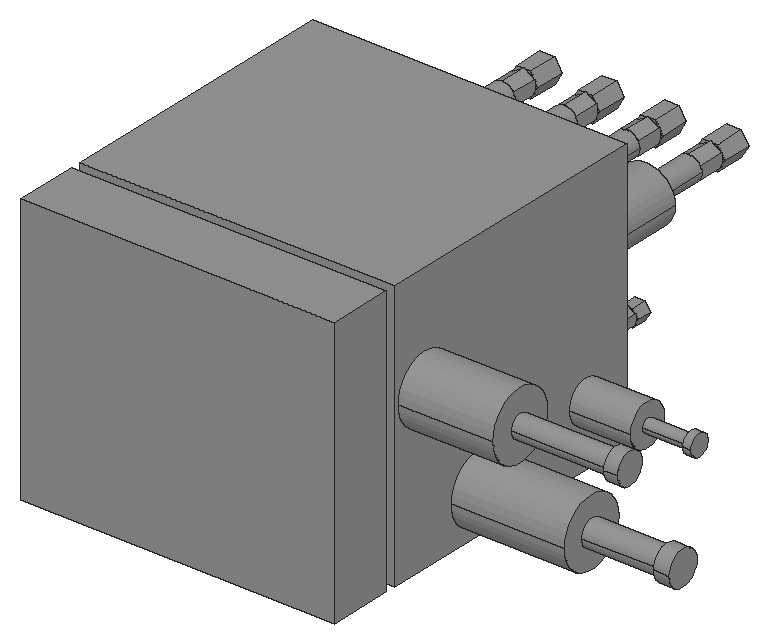
Revit family "BC_Hitachi_CH-BOX-CH-AP04MSSX_LOD400", category Equipement de génie climatique, Revit 2015
Parameters (values of type "CH-AP04MSSX")
  Refrigerant Liquid Pipe connections Diameter = 9.52 mm
  Refrigerant Gas Pipe connections Diameter = 15.88 mm
  Refrigerant Gas Low Pressure Diameter = 25.60 mm
  Refrigerant Liquid Diameter = 12.90 mm
  Rated Frequency (Hz) = "50"
  Product Code = "60292160"
  Overall Width = 303.00 mm
  Overall Height = 260.00 mm
  Overall Depth = 352.00 mm
  Nominal Voltage = 230 V
  Modèle = "Multi CH-Box"
  Material Pipe = Résine phénolique
  Material Connector = Laiton
  Material Box = Zinc
  Mass = 14.00 kg
  Gas Diameter = 22.20 mm
  Fabricant = "Hitachi"
  Description = "Multi CH-Box 4 branches"
  Commentaires du type = "CH-AP04MSSX"
  CALC_Refrigerant Gas Right = 89.00 mm
  CALC_Refrigerant Gas Low Pressure Diameter = Refrigerant Gas Low Pressure Diameter + 15.00 mm / 2  # 33.10 mm
  CALC_Refrigerant Gas L Left = 250.00 mm
  CALC_Refrigerant Gas HL Left = 200.00 mm
  CALC_Refrigerant Gas Diameter = Refrigerant Liquid Diameter + 15.00 mm / 2  # 20.40 mm
  CALC_BOX Width = 303.00 mm
Reference planes
  plane 1 "Centre (avant/arrière)": y = 0
  plane 2: z = 0
  plane 3 "Centre (gauche/droite)": x = 0
  plane 4 "Top": z = 260
  plane 5 "Back": y = 176
  plane 6 "Front": y = -176
  plane 7 "Left": x = -303
  plane 8: z = 155
  plane 9: z = 60
  plane 10: y = 375
  plane 11: y = 262
  plane 12: x = 110
  plane 13: x = 198
  plane 14: y = -4
  plane 15: z = 42
  plane 16: z = 156
  plane 17: y = -68
  plane 18: z = 60
  plane 19: y = 126
  plane 20: x = 61.245
  plane 21: x = 175.543
  plane 22: y = -109
Forms (mm)
  Extrusion 1, solid, material "Zinc" <- "Material Box"
    sketch origin (0, 0, 0) x (1, 0, 0) y (0, 1, 0)
      loop
        line (0, 176) -> (-303, 176) -> (-303, -176) -> (0, -176) -> (0, 176)
    from 0 to 260
  Extrusion 2, solid, material "Résine phénolique" <- "Material Pipe"
    sketch origin (0, 0, 75) x (0, 1, 0) y (0, 0, 1)
      loop
        circle (-4, -33) r 32.5
    from 0 to 110
  Extrusion 3, solid, material "Résine phénolique" <- "Material Pipe"
    sketch origin (0, 46.823, 0) x (0, 1, 0) y (0, 0, 1)
      loop
        circle (-114.823, 156) r 32.5
    from 0 to 92.169
  Extrusion 4, solid, material "Résine phénolique" <- "Material Pipe"
    sketch origin (0, 146.283, 43.123) x (0, 1, 0) y (0, 0, 1)
      loop
        circle (-20.283, 16.877) r 20
    from 0 to 59.808
  Extrusion 5, solid, material "Laiton" <- "Material Connector"
    sketch origin (151.5, 0, 0) x (0, -1, 0) y (0, 0, 1)
      loop
        circle (68, 156) r 11.1
    from -33.5 to 59.331
  Extrusion 6, solid, material "Laiton" <- "Material Connector"
    sketch origin (151.5, 0, 0) x (0, -1, 0) y (0, 0, 1)
      loop
        circle (68, 156) r 14.93
    from -46.5 to -33.5
  Extrusion 7, solid, material "Laiton" <- "Material Connector"
    sketch origin (151.5, 0, 0) x (0, -1, 0) y (0, 0, 1)
      loop
        circle (4, 42) r 12.8
    from -31.308 to 41.5
  Extrusion 8, solid, material "Laiton" <- "Material Connector"
    sketch origin (151.5, 0, 0) x (0, -1, 0) y (0, 0, 1)
      loop
        circle (4, 42) r 16.55
    from -46.5 to -31.308
  Extrusion 9, solid, material "Laiton" <- "Material Connector"
    sketch origin (151.5, 0, 0) x (0, -1, 0) y (0, 0, 1)
      loop
        circle (-126, 60) r 6.45
    from 49.363 to 91.692
  Extrusion 10, solid, material "Laiton" <- "Material Connector"
    sketch origin (151.5, 0, 0) x (0, -1, 0) y (0, 0, 1)
      loop
        circle (-126, 60) r 10.2
    from 41.5 to 49.363
  Sweep 11, void
    path in 3D
      loop
        line (0, -109, 260) -> (0, -109, 0) -> (-303, -109, 0) -> (-303, -109, 260) -> (0, -109, 260)
    profile origin (-151.5, -109, 260) x (0, 1, 0) y (0, 0, 1)
      loop
        line (5, 0) -> (-5, 0) -> (-5, -10) -> (5, -10) -> (5, 0)
Cuts and joins
  Sweep 11 cuts Extrusion 1
Lines and regions (mm)
  model lines, style "InvisibleLines"
    curve 1: line (-303, -109, 0) -> (0, -109, 0)
    curve 2: line (-303, -109, 260) -> (0, -109, 260)
    curve 3: line (0, -109, 260) -> (0, -109, 0)
    curve 4: line (-303, -109, 260) -> (-303, -109, 0)
  sketch lines
    curve 5: line (-303, -109, 260) -> (0, -109, 260)
    curve 6: line (-303, -109, 260) -> (-303, -109, 0)
    curve 7: line (-303, -109, 0) -> (0, -109, 0)
    curve 8: line (0, -109, 260) -> (0, -109, 0)
Dimensions and locks
  "Overall Height": plane 4 "Top" to plane 2
  "Overall Width": plane 3 "Centre (gauche/droite)" to plane 7 "Left"
  "Overall Width": plane 7 "Left" to plane 3 "Centre (gauche/droite)"
  "Overall Depth": plane 5 "Back" to plane 6 "Front"
  equal spacing: plane 5 "Back", plane 1 "Centre (avant/arrière)", plane 6 "Front"
  plane 10 to plane 5 "Back" = 199.00 mm
  plane 11 to plane 5 "Back" = 86.00 mm
  locked: plane 7 "Left" to nested 1 at 67
  locked: plane 3 "Centre (gauche/droite)" to plane 12 at 110
  locked: plane 3 "Centre (gauche/droite)" to plane 13 at 198
  plane 5 "Back" to plane 19 = 50.00 mm
  plane 17 to plane 5 "Back" = 244.00 mm
  plane 14 to plane 5 "Back" = 180.00 mm
  plane 19 to plane 5 "Back" = 50.00 mm
  plane 16 to plane 2 = 156.00 mm
  plane 15 to plane 2 = 42.00 mm
  plane 18 to level = 60.00 mm
  plane 2 to plane 9 = 60.00 mm
  plane 2 to plane 8 = 155.00 mm
  plane 22 to plane 6 "Front" = 67.00 mm
  "Refrigerant Gas Low Pressure Diameter": diameter of Extrusion 7 sketch curve
  "CALC_Refrigerant Gas Low Pressure Diameter": diameter of Extrusion 8 sketch curve
  diameter of Extrusion 2 sketch curve = 65.00 mm
  diameter of Extrusion 6 sketch curve = 29.86 mm
  "Gas Diameter": diameter of Extrusion 5 sketch curve
  diameter of Extrusion 3 sketch curve = 65.00 mm
  "CALC_Refrigerant Gas Diameter": diameter of Extrusion 10 sketch curve
  "Refrigerant Liquid Diameter": diameter of Extrusion 9 sketch curve
  aligned and locked: level to plane 2
  aligned and locked: plane 5 "Back" to Extrusion 1 sketch curve
  aligned and locked: plane 3 "Centre (gauche/droite)" to Extrusion 1 sketch curve
  aligned and locked: Extrusion 1 sketch curve to plane 6 "Front"
  aligned and locked: plane 7 "Left" to Extrusion 1 sketch curve
  aligned and locked: plane 4 "Top" to Extrusion 1
  aligned and locked: plane 9 to nested 5
  aligned and locked: nested 5 to nested 1
  aligned and locked: Extrusion 2 to plane 3 "Centre (gauche/droite)"
  aligned and locked: plane 15 to Extrusion 2 sketch curve
  aligned and locked: plane 14 to Extrusion 2 sketch curve
  aligned and locked: plane 16 to Extrusion 3 sketch curve
  aligned and locked: plane 17 to Extrusion 3 sketch curve
  aligned and locked: plane 19 to Extrusion 4 sketch curve
  aligned and locked: plane 18 to Extrusion 4 sketch curve
  aligned and locked: plane 5 "Back" to nested 1
  aligned and locked: plane 17 to Extrusion 5 sketch curve
  aligned and locked: plane 16 to Extrusion 5 sketch curve
  aligned and locked: plane 14 to Extrusion 8 sketch curve
  aligned and locked: plane 15 to Extrusion 8 sketch curve
  aligned and locked: plane 14 to Extrusion 7 sketch curve
  aligned and locked: plane 15 to Extrusion 7 sketch curve
  aligned and locked: plane 18 to Extrusion 9 sketch curve
  aligned and locked: plane 19 to Extrusion 9 sketch curve
  aligned and locked: plane 13 to Extrusion 8
  aligned and locked: plane 13 to Extrusion 6
  aligned and locked: plane 8 to nested 1
  aligned and locked: plane 8 to nested 2
  aligned and locked: plane 8 to nested 3
  aligned and locked: plane 8 to nested 4
  aligned and locked: plane 9 to nested 6
  aligned and locked: plane 9 to nested 7
  aligned and locked: plane 9 to nested 8
  aligned and locked: curve 2 to plane 22
  aligned and locked: curve 1 to plane 22
  aligned and locked: plane 7 "Left" to curve 2
  aligned and locked: plane 7 "Left" to curve 1
  aligned and locked: plane 3 "Centre (gauche/droite)" to curve 2
  aligned and locked: plane 3 "Centre (gauche/droite)" to curve 1
  aligned and locked: level to curve 3
  aligned and locked: plane 4 "Top" to curve 3
Automatic sketch dimensions
  curve 3 to plane 22 = 0.00 mm
  curve 4 to level = 0.00 mm
  curve 4 to plane 22 = 0.00 mm
  curve 4 to plane 4 "Top" = 0.00 mm
  Sweep 11 sketch curve to profile plane = 0.00 mm
  Sweep 11 sketch curve to profile plane = 5.00 mm
  Sweep 11 sketch curve to profile plane = 10.00 mm
  profile plane to Sweep 11 sketch curve = 5.00 mm
  Extrusion 6 sketch curve to plane 16 = 0.00 mm
  Extrusion 6 sketch curve to plane 17 = 0.00 mm
  Extrusion 10 sketch curve to plane 9 = 0.00 mm
  Extrusion 10 sketch curve to plane 19 = 0.00 mm
  radius of Extrusion 4 sketch curve = 20.00 mm
Nested families
  nested 1: "PIPES" at (-236, 176, 155) x (0, 1, 0) z (0, 0, 1), type "PIPES"
    with CALC_Screw TOP 2 28.366 mm, CALC_Screw TOP 1 25.467 mm, CALC_Screw Diam TOP 2 12.00 mm, CALC_Screw Diam TOP 11.00 mm, CALC_Screw Diam 11.00 mm, CALC_PipeDiam2 24.00 mm, CALC_PipeDiam1 55.00 mm, CALC_Pipe L2 51.555 mm, CALC_Pipe L1 93.613 mm
  nested 2: "PIPES" at (-176, 176, 155) x (0, 1, 0) z (0, 0, 1), type "PIPES"
    with CALC_Screw TOP 2 28.366 mm, CALC_Screw TOP 1 25.467 mm, CALC_Screw Diam TOP 2 12.00 mm, CALC_Screw Diam TOP 11.00 mm, CALC_Screw Diam 11.00 mm, CALC_PipeDiam2 24.00 mm, CALC_PipeDiam1 55.00 mm, CALC_Pipe L2 51.555 mm, CALC_Pipe L1 93.613 mm
  nested 3: "PIPES" at (-116, 176, 155) x (0, 1, 0) z (0, 0, 1), type "PIPES"
    with CALC_Screw TOP 2 28.366 mm, CALC_Screw TOP 1 25.467 mm, CALC_Screw Diam TOP 2 12.00 mm, CALC_Screw Diam TOP 11.00 mm, CALC_Screw Diam 11.00 mm, CALC_PipeDiam2 24.00 mm, CALC_PipeDiam1 55.00 mm, CALC_Pipe L2 51.555 mm, CALC_Pipe L1 93.613 mm
  nested 4: "PIPES" at (-56, 176, 155) x (0, 1, 0) z (0, 0, 1), type "PIPES"
    with CALC_Screw TOP 2 28.366 mm, CALC_Screw TOP 1 25.467 mm, CALC_Screw Diam TOP 2 12.00 mm, CALC_Screw Diam TOP 11.00 mm, CALC_Screw Diam 11.00 mm, CALC_PipeDiam2 24.00 mm, CALC_PipeDiam1 55.00 mm, CALC_Pipe L2 51.555 mm, CALC_Pipe L1 93.613 mm
  nested 5: "PIPES" at (-236, 176, 60) x (0, 1, 0) z (0, 0, 1), type "PIPES"
    with CALC_Screw TOP 2 15.179 mm, CALC_Screw TOP 1 12.708 mm, CALC_Screw Diam TOP 2 8.50 mm, CALC_Screw Diam TOP 0.00 mm, CALC_Screw Diam 8.00 mm, CALC_PipeDiam2 16.50 mm, CALC_PipeDiam1 17.00 mm, CALC_Pipe L2 1.975 mm, CALC_Pipe L1 56.139 mm
  nested 6: "PIPES" at (-176, 176, 60) x (0, 1, 0) z (0, 0, 1), type "PIPES"
    with CALC_Screw TOP 2 15.179 mm, CALC_Screw TOP 1 12.708 mm, CALC_Screw Diam TOP 2 8.50 mm, CALC_Screw Diam TOP 0.00 mm, CALC_Screw Diam 8.00 mm, CALC_PipeDiam2 16.50 mm, CALC_PipeDiam1 17.00 mm, CALC_Pipe L2 1.975 mm, CALC_Pipe L1 56.139 mm
  nested 7: "PIPES" at (-116, 176, 60) x (0, 1, 0) z (0, 0, 1), type "PIPES"
    with CALC_Screw TOP 2 15.179 mm, CALC_Screw TOP 1 12.708 mm, CALC_Screw Diam TOP 2 8.50 mm, CALC_Screw Diam TOP 0.00 mm, CALC_Screw Diam 8.00 mm, CALC_PipeDiam2 16.50 mm, CALC_PipeDiam1 17.00 mm, CALC_Pipe L2 1.975 mm, CALC_Pipe L1 56.139 mm
  nested 8: "PIPES" at (-56, 176, 60) x (0, 1, 0) z (0, 0, 1), type "PIPES"
    with CALC_Screw TOP 2 15.179 mm, CALC_Screw TOP 1 12.708 mm, CALC_Screw Diam TOP 2 8.50 mm, CALC_Screw Diam TOP 0.00 mm, CALC_Screw Diam 8.00 mm, CALC_PipeDiam2 16.50 mm, CALC_PipeDiam1 17.00 mm, CALC_Pipe L2 1.975 mm, CALC_Pipe L1 56.139 mm
Connectors
  piping at (198, -68, 156), diameter 22.2, driven by "Gas Diameter"
    settings: on Extrusion 6, index 1, connector inside diameter 609.6 mm, connector length 0.00 mm, flow factor 0, pipe flow 0.0 L/s, pressure drop 0.0 Pa, fitting loss kfactor 0, connector angle 0.00°, fixture units 0, engagement length 0.00 mm, angle of deflection 0.00°, flow configuration 0, flow direction 0, fitting loss method 0, system type 22, joint type 0, gender type 0, connector reference index -1, connector utility 0, adjustable connector no, is connector primary yes, connector description "Refrigerant gas High/Low Pressure"
  piping at (198, -4, 42), diameter 25.6, driven by "Refrigerant Gas Low Pressure Diameter"
    settings: on Extrusion 8, index 2, connector inside diameter 609.6 mm, connector length 0.00 mm, flow factor 0, pipe flow 0.0 L/s, pressure drop 0.0 Pa, fitting loss kfactor 0, connector angle 0.00°, fixture units 0, engagement length 0.00 mm, angle of deflection 0.00°, flow configuration 0, flow direction 0, fitting loss method 0, system type 22, joint type 0, gender type 0, connector reference index -1, connector utility 0, adjustable connector no, is connector primary no, connector description "Refrigerant gas Low Pressure"
  piping at (110, 126, 60), diameter 12.9, driven by "Refrigerant Liquid Diameter"
    settings: on Extrusion 10, index 3, connector inside diameter 609.6 mm, connector length 0.00 mm, flow factor 0, pipe flow 0.0 L/s, pressure drop 0.0 Pa, fitting loss kfactor 0, connector angle 0.00°, fixture units 0, engagement length 0.00 mm, angle of deflection 0.00°, flow configuration 0, flow direction 0, fitting loss method 0, system type 22, joint type 0, gender type 0, connector reference index -1, connector utility 0, adjustable connector no, is connector primary no, connector description "Refrigerant Liquid"
  piping at (-56, 375, 155), diameter 15.88, driven by "Refrigerant Gas Pipe connections Diameter"
    settings: on nested 4, index 4, connector inside diameter 609.6 mm, connector length 0.00 mm, flow factor 0, pipe flow 0.0 L/s, pressure drop 0.0 Pa, fitting loss kfactor 0, connector angle 0.00°, fixture units 0, engagement length 0.00 mm, angle of deflection 0.00°, flow configuration 0, flow direction 0, fitting loss method 0, system type 22, joint type 0, gender type 0, connector reference index -1, connector utility 0, adjustable connector no, is connector primary no, connector description "Refrigerant Gas Pipe D"
  piping at (-116, 375, 155), diameter 15.88, driven by "Refrigerant Gas Pipe connections Diameter"
    settings: on nested 3, index 5, connector inside diameter 609.6 mm, connector length 0.00 mm, flow factor 0, pipe flow 0.0 L/s, pressure drop 0.0 Pa, fitting loss kfactor 0, connector angle 0.00°, fixture units 0, engagement length 0.00 mm, angle of deflection 0.00°, flow configuration 0, flow direction 0, fitting loss method 0, system type 22, joint type 0, gender type 0, connector reference index -1, connector utility 0, adjustable connector no, is connector primary no, connector description "Refrigerant Gas Pipe C"
  piping at (-176, 375, 155), diameter 15.88, driven by "Refrigerant Gas Pipe connections Diameter"
    settings: on nested 2, index 6, connector inside diameter 609.6 mm, connector length 0.00 mm, flow factor 0, pipe flow 0.0 L/s, pressure drop 0.0 Pa, fitting loss kfactor 0, connector angle 0.00°, fixture units 0, engagement length 0.00 mm, angle of deflection 0.00°, flow configuration 0, flow direction 0, fitting loss method 0, system type 22, joint type 0, gender type 0, connector reference index -1, connector utility 0, adjustable connector no, is connector primary no, connector description "Refrigerant Gas Pipe B"
  piping at (-236, 375, 155), diameter 15.88, driven by "Refrigerant Gas Pipe connections Diameter"
    settings: on nested 1, index 7, connector inside diameter 609.6 mm, connector length 0.00 mm, flow factor 0, pipe flow 0.0 L/s, pressure drop 0.0 Pa, fitting loss kfactor 0, connector angle 0.00°, fixture units 0, engagement length 0.00 mm, angle of deflection 0.00°, flow configuration 0, flow direction 0, fitting loss method 0, system type 22, joint type 0, gender type 0, connector reference index -1, connector utility 0, adjustable connector no, is connector primary no, connector description "Refrigerant Gas Pipe A"
  piping at (-236, 262, 60), diameter 9.52, driven by "Refrigerant Liquid Pipe connections Diameter"
    settings: on nested 5, index 8, connector inside diameter 609.6 mm, connector length 0.00 mm, flow factor 0, pipe flow 0.0 L/s, pressure drop 0.0 Pa, fitting loss kfactor 0, connector angle 0.00°, fixture units 0, engagement length 0.00 mm, angle of deflection 0.00°, flow configuration 0, flow direction 0, fitting loss method 0, system type 22, joint type 0, gender type 0, connector reference index -1, connector utility 0, adjustable connector no, is connector primary no, connector description "Refrigerant Liquid Pipe A"
  piping at (-176, 262, 60), diameter 9.52, driven by "Refrigerant Liquid Pipe connections Diameter"
    settings: on nested 6, index 9, connector inside diameter 609.6 mm, connector length 0.00 mm, flow factor 0, pipe flow 0.0 L/s, pressure drop 0.0 Pa, fitting loss kfactor 0, connector angle 0.00°, fixture units 0, engagement length 0.00 mm, angle of deflection 0.00°, flow configuration 0, flow direction 0, fitting loss method 0, system type 22, joint type 0, gender type 0, connector reference index -1, connector utility 0, adjustable connector no, is connector primary no, connector description "Refrigerant Liquid Pipe B"
  piping at (-116, 262, 60), diameter 9.52, driven by "Refrigerant Liquid Pipe connections Diameter"
    settings: on nested 7, index 10, connector inside diameter 609.6 mm, connector length 0.00 mm, flow factor 0, pipe flow 0.0 L/s, pressure drop 0.0 Pa, fitting loss kfactor 0, connector angle 0.00°, fixture units 0, engagement length 0.00 mm, angle of deflection 0.00°, flow configuration 0, flow direction 0, fitting loss method 0, system type 22, joint type 0, gender type 0, connector reference index -1, connector utility 0, adjustable connector no, is connector primary no, connector description "Refrigerant Liquid Pipe C"
  piping at (-56, 262, 60), diameter 9.52, driven by "Refrigerant Liquid Pipe connections Diameter"
    settings: on nested 8, index 11, connector inside diameter 609.6 mm, connector length 0.00 mm, flow factor 0, pipe flow 0.0 L/s, pressure drop 0.0 Pa, fitting loss kfactor 0, connector angle 0.00°, fixture units 0, engagement length 0.00 mm, angle of deflection 0.00°, flow configuration 0, flow direction 0, fitting loss method 0, system type 22, joint type 0, gender type 0, connector reference index -1, connector utility 0, adjustable connector no, is connector primary no, connector description "Refrigerant Liquid Pipe D"
Definition of nested family "PIPES"
  Parameters (values of type "PIPES")
    Material Screw = none
    Material Pipe = none
    Default Elevation = 1219.20 mm
    CALC_Screw TOP 2 [instance] = 70.00 mm
    CALC_Screw TOP 1 [instance] = 107.333 mm
    CALC_Screw Diam TOP 2 [instance] = 25.00 mm
    CALC_Screw Diam TOP [instance] = 35.00 mm
    CALC_Screw Diam [instance] = 15.00 mm
    CALC_PipeDiam2 [instance] = 20.00 mm
    CALC_PipeDiam1 [instance] = 30.00 mm
    CALC_Pipe L2 [instance] = 75.447 mm
    CALC_Pipe L1 [instance] = 38.00 mm
    CALC_Angle Screw = 120.00°
  Reference planes
    plane 1 "Centre (avant/arrière)": y = 0
    plane 2: z = 0
    plane 3 "Centre (gauche/droite)": x = 0
    plane 4: x = 38
    plane 5: x = 220.781
    plane 6: x = 290.781
    plane 7: x = 113.447
  Forms (mm)
    Extrusion 1, solid, material <- "Material Pipe"
      sketch origin (0, 0, 0) x (0, 1, 0) y (0, 0, 1)
        loop
          circle (0, 0) r 15
      from 0 to 38
    Extrusion 2, solid, material <- "Material Screw"
      sketch origin (0, 0, 0) x (0, 1, 0) y (0, 0, 1)
        loop
          line (0, 17.321) -> (-15, 8.66) -> (-15, -8.66) -> (0, -17.321) -> (15, -8.66) -> (15, 8.66) -> (0, 17.321)
      from 113.447 to 220.781
    Extrusion 3, solid, material <- "Material Screw"
      sketch origin (0, 0, 0) x (0, 1, 0) y (0, 0, 1)
        loop
          line (28.868, 0) -> (14.434, 25) -> (-14.434, 25) -> (-28.868, 0) -> (-14.434, -25) -> (14.434, -25) -> (28.868, 0)
      from 220.781 to 290.781
    Extrusion 4, solid, material <- "Material Pipe"
      sketch origin (0, 0, 0) x (0, 1, 0) y (0, 0, 1)
        loop
          circle (0, 0) r 10
      from 38 to 113.447
  Dimensions and locks
    "CALC_Screw Diam": Extrusion 2 sketch curve to plane 1 "Centre (avant/arrière)"  (x5)
    "CALC_Screw Diam": plane 1 "Centre (avant/arrière)" to Extrusion 2 sketch curve
    "CALC_Screw Diam TOP 2": Extrusion 3 sketch curve to plane 1 "Centre (avant/arrière)"  (x5)
    "CALC_Screw Diam TOP 2": Extrusion 3 sketch curve to plane 2
    "CALC_Pipe L1": plane 3 "Centre (gauche/droite)" to plane 4
    "CALC_Pipe L2": plane 4 to plane 7
    "CALC_Screw TOP 1": plane 7 to plane 5
    "CALC_Screw TOP 2": plane 5 to plane 6
    "CALC_PipeDiam1": diameter of Extrusion 1 sketch curve
    "CALC_PipeDiam2": diameter of Extrusion 4 sketch curve
    "CALC_Angle Screw": angle Extrusion 2 sketch curve to Extrusion 2 sketch curve  (x3)
    "CALC_Angle Screw": angle Extrusion 3 sketch curve to Extrusion 3 sketch curve  (x3)
    aligned and locked: level to plane 2
    aligned and locked: Extrusion 3 to plane 6
    aligned and locked: plane 5 to Extrusion 3
    aligned and locked: Extrusion 2 to plane 5
    aligned and locked: plane 4 to Extrusion 1
    aligned and locked: plane 4 to Extrusion 4
    aligned and locked: Extrusion 4 to plane 7
    aligned and locked: plane 7 to Extrusion 2
  Automatic sketch dimensions
    Extrusion 1 sketch curve to level = 0.00 mm
    Extrusion 1 sketch curve to plane 1 "Centre (avant/arrière)" = 0.00 mm
    Extrusion 2 sketch curve to plane 1 "Centre (avant/arrière)" = 0.00 mm
    Extrusion 3 sketch curve to level = 0.00 mm
    Extrusion 4 sketch curve to level = 0.00 mm
    Extrusion 4 sketch curve to plane 1 "Centre (avant/arrière)" = 0.00 mm
